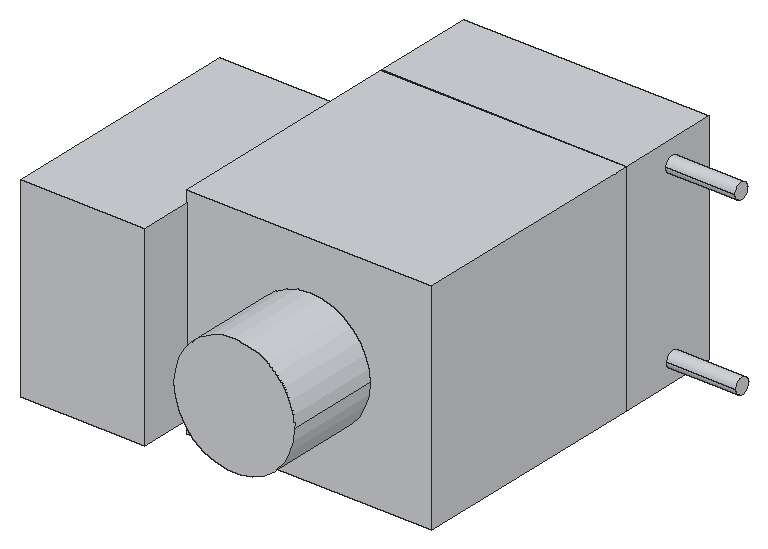
Revit family "EZTS+WITH 3 ROW HWC", category Mechanical Equipment, Revit 2018
Family settings
  Round Connector Dimension = Use Diameter
  Part Type = Normal
  OmniClass Number = 23.75.00.00
  OmniClass Title = Climate Control (HVAC)
  Work Plane-Based = No
  Always vertical = Yes
  Cut with Voids When Loaded = No
  Shared = No
  Room Calculation Point = No
Parameters (values of type "EZTS+0810 W/3 Coil RH W/Controller LH")
  Width = 1' - 2"
  URL = "https://www.anemostat-hvac.com/"
  Type Comments = ""
  RightController = no
  Power Right Controller = no
  Power Left Controller = yes
  PipeVTwo = 0' - 1 1/4"
  PipeVOne = 0' - 1 1/4"
  PipeTwoRH = yes
  PipeTwoLH = no
  PipeRad = PipeDia / 2  # 0' - 0 7/16"
  PipeOneRH = yes
  PipeOneLH = no
  PipeLength = 0' - 4"
  PipeHTwo = 0' - 3 1/4"
  PipeHOne = Coil / 2.05 + Discharge  # 0' - 3.18598"
  PipeDia = 0' - 0 7/8"
  Model = "EZTS+"
  Manufacturer = "ANEMOSTAT PRODUCTS"
  Length = 1' - 2 1/2"
  LeftController = yes
  Inlet_S = 0' - 5 3/8"
  InletRadius = InletDia / 2  # 0' - 3 7/16"
  InletDia = 0' - 6 7/8"
  Height = 1' - 0 1/2"
  HWCSlipDrive2Coil = 1' - 6 11/16"
  HWCSlipDrive3Coil = 1' - 7 3/4"
  HWCSlipDrive4Coil = 1' - 9 5/16"
  HWCSlipDrive1Coil = 1' - 5 5/8"
  HWCSlipDrive = 1' - 7 3/4"
  HWCOverlap = 0' - 0 5/8"
  EnslosureRear = 1' - 2 7/32"
  EnclosureWidth = 0' - 7 1/8"
  EnclosureHeight = 0' - 11 3/32"
  EnclosureFront = 0' - 3"
  EnclosureCenter = Height / 2  # 0' - 6 1/4"
  DischargeY = Height - 0' 1 1/4"  # 0' - 11 1/4"
  DischargeX = Width - 0' 1 1/4"  # 1' - 0 3/4"
  Discharge = 0' - 0 5/8"
  Description = "SINGLE DUCT AIR TERMINAL WITH JUMBO HOT WATER HEATING COIL"
  Coil = HWCSlipDrive - Length  # 0' - 5 1/4"
Types (42): name | Width | Type Comments | RightController | Power Right Controller | Power Left Controller | PipeTwoRH | PipeTwoLH | PipeOneRH | PipeOneLH | Model | Manufacturer | Length | LeftController | InletRadius | InletDia | Height | HWCSlipDrive2Coil | HWCSlipDrive3Coil | HWCSlipDrive4Coil | HWCSlipDrive1Coil | HWCSlipDrive | EnclosureCenter | DischargeY | DischargeX | Description
  EZTS+0508 W/3 Coil LH NO Controller | 1' - 0" | "" | no | no | no | no | yes | no | yes | "EZTS+" | "ANEMOSTAT PRODUCTS" | 1' - 0 1/2" | no | 0' - 2 7/16" | 0' - 4 7/8" | 0' - 10" | 1' - 4 11/16" | 1' - 5 3/4" | 1' - 7 5/16" | 1' - 3 5/8" | 1' - 5 3/4" | 0' - 5" | 0' - 8 3/4" | 0' - 10 3/4" | "SINGLE DUCT AIR TERMINAL WITH JUMBO HOT WATER HEATING COIL"
  EZTS+0608 W/3 Coil LH NO Controller | 1' - 0" | "" | no | no | no | no | yes | no | yes | "EZTS+" | "ANEMOSTAT PRODUCTS" | 1' - 0 1/2" | no | 0' - 2 15/16" | 0' - 5 7/8" | 0' - 10" | 1' - 4 11/16" | 1' - 5 3/4" | 1' - 7 5/16" | 1' - 3 5/8" | 1' - 5 3/4" | 0' - 5" | 0' - 8 3/4" | 0' - 10 3/4" | "SINGLE DUCT AIR TERMINAL WITH JUMBO HOT WATER HEATING COIL"
  EZTS+0508 W/3 Coil RH NO Controller | 1' - 0" | "" | no | no | no | yes | no | yes | no | "EZTS+" | "ANEMOSTAT PRODUCTS" | 1' - 0 1/2" | no | 0' - 2 7/16" | 0' - 4 7/8" | 0' - 10" | 1' - 4 11/16" | 1' - 5 3/4" | 1' - 7 5/16" | 1' - 3 5/8" | 1' - 5 3/4" | 0' - 5" | 0' - 8 3/4" | 0' - 10 3/4" | "SINGLE DUCT AIR TERMINAL WITH JUMBO HOT WATER HEATING COIL"
  EZTS+0608 W/3 Coil RH NO Controller | 1' - 0" | "" | no | no | no | yes | no | yes | no | "EZTS+" | "ANEMOSTAT PRODUCTS" | 1' - 0 1/2" | no | 0' - 2 15/16" | 0' - 5 7/8" | 0' - 10" | 1' - 4 11/16" | 1' - 5 3/4" | 1' - 7 5/16" | 1' - 3 5/8" | 1' - 5 3/4" | 0' - 5" | 0' - 8 3/4" | 0' - 10 3/4" | "SINGLE DUCT AIR TERMINAL WITH JUMBO HOT WATER HEATING COIL"
  EZTS+0508 W/3 Coil LH W/Controller LH | 1' - 0" | "" | no | no | yes | no | yes | no | yes | "EZTS+" | "ANEMOSTAT PRODUCTS" | 1' - 0 1/2" | yes | 0' - 2 7/16" | 0' - 4 7/8" | 0' - 10" | 1' - 4 11/16" | 1' - 5 3/4" | 1' - 7 5/16" | 1' - 3 5/8" | 1' - 5 3/4" | 0' - 5" | 0' - 8 3/4" | 0' - 10 3/4" | "SINGLE DUCT AIR TERMINAL WITH JUMBO HOT WATER HEATING COIL"
  EZTS+0608 W/3 Coil LH W/Controller LH | 1' - 0" | "" | no | no | yes | no | yes | no | yes | "EZTS+" | "ANEMOSTAT PRODUCTS" | 1' - 0 1/2" | yes | 0' - 2 15/16" | 0' - 5 7/8" | 0' - 10" | 1' - 4 11/16" | 1' - 5 3/4" | 1' - 7 5/16" | 1' - 3 5/8" | 1' - 5 3/4" | 0' - 5" | 0' - 8 3/4" | 0' - 10 3/4" | "SINGLE DUCT AIR TERMINAL WITH JUMBO HOT WATER HEATING COIL"
  EZTS+0508 W/3 Coil LH W/Controller RH | 1' - 0" | "ANEMOSTAT PRODUCTS" | yes | yes | no | no | yes | no | yes | 0' - 0" | "EZTS+" | 1' - 0 1/2" | no | 0' - 2 7/16" | 0' - 4 7/8" | 0' - 10" | 1' - 4 11/16" | 1' - 5 3/4" | 1' - 7 5/16" | 1' - 3 5/8" | 1' - 5 3/4" | 0' - 5" | 0' - 8 3/4" | 0' - 10 3/4" | "SINGLE DUCT AIR TERMINAL WITH JUMBO HOT WATER HEATING COIL"
  EZTS+0608 W/3 Coil LH W/Controller RH | 1' - 0" | "ANEMOSTAT PRODUCTS" | yes | yes | no | no | yes | no | yes | 0' - 0" | "EZTS+" | 1' - 0 1/2" | no | 0' - 2 15/16" | 0' - 5 7/8" | 0' - 10" | 1' - 4 11/16" | 1' - 5 3/4" | 1' - 7 5/16" | 1' - 3 5/8" | 1' - 5 3/4" | 0' - 5" | 0' - 8 3/4" | 0' - 10 3/4" | "SINGLE DUCT AIR TERMINAL WITH JUMBO HOT WATER HEATING COIL"
  EZTS+0508 W/3 Coil RH W/Controller LH | 1' - 0" | "" | no | no | yes | yes | no | yes | no | "EZTS+" | "ANEMOSTAT PRODUCTS" | 1' - 0 1/2" | yes | 0' - 2 7/16" | 0' - 4 7/8" | 0' - 10" | 1' - 4 11/16" | 1' - 5 3/4" | 1' - 7 5/16" | 1' - 3 5/8" | 1' - 5 3/4" | 0' - 5" | 0' - 8 3/4" | 0' - 10 3/4" | "SINGLE DUCT AIR TERMINAL WITH JUMBO HOT WATER HEATING COIL"
  EZTS+0608 W/3 Coil RH W/Controller LH | 1' - 0" | "" | no | no | yes | yes | no | yes | no | "EZTS+" | "ANEMOSTAT PRODUCTS" | 1' - 0 1/2" | yes | 0' - 2 15/16" | 0' - 5 7/8" | 0' - 10" | 1' - 4 11/16" | 1' - 5 3/4" | 1' - 7 5/16" | 1' - 3 5/8" | 1' - 5 3/4" | 0' - 5" | 0' - 8 3/4" | 0' - 10 3/4" | "SINGLE DUCT AIR TERMINAL WITH JUMBO HOT WATER HEATING COIL"
  EZTS+0508 W/3 Coil RH W/Controller RH | 1' - 0" | "" | yes | yes | no | yes | no | yes | no | "EZTS+" | "ANEMOSTAT PRODUCTS" | 1' - 0 1/2" | no | 0' - 2 7/16" | 0' - 4 7/8" | 0' - 10" | 1' - 4 11/16" | 1' - 5 3/4" | 1' - 7 5/16" | 1' - 3 5/8" | 1' - 5 3/4" | 0' - 5" | 0' - 8 3/4" | 0' - 10 3/4" | "SINGLE DUCT AIR TERMINAL WITH JUMBO HOT WATER HEATING COIL"
  EZTS+0608 W/3 Coil RH W/Controller RH | 1' - 0" | "" | yes | yes | no | yes | no | yes | no | "EZTS+" | "ANEMOSTAT PRODUCTS" | 1' - 0 1/2" | no | 0' - 2 15/16" | 0' - 5 7/8" | 0' - 10" | 1' - 4 11/16" | 1' - 5 3/4" | 1' - 7 5/16" | 1' - 3 5/8" | 1' - 5 3/4" | 0' - 5" | 0' - 8 3/4" | 0' - 10 3/4" | "SINGLE DUCT AIR TERMINAL WITH JUMBO HOT WATER HEATING COIL"
  EZTS+0710 W/3 Coil LH NO Controller | 1' - 2" | "ANEMOSTAT PRODUCTS" | no | no | no | no | yes | no | yes | 0' - 0" | "EZTS+" | 1' - 2 1/2" | no | 0' - 3 7/16" | 0' - 6 7/8" | 1' - 0 1/2" | 1' - 6 11/16" | 1' - 7 3/4" | 1' - 9 5/16" | 1' - 5 5/8" | 1' - 7 3/4" | 0' - 6 1/4" | 0' - 11 1/4" | 1' - 0 3/4" | "SINGLE DUCT AIR TERMINAL WITH JUMBO HOT WATER HEATING COIL"
  EZTS+0810 W/3 Coil LH NO Controller | 1' - 2" | "ANEMOSTAT PRODUCTS" | no | no | no | no | yes | no | yes | 0' - 0" | "EZTS+" | 1' - 2 1/2" | no | 0' - 3 15/16" | 0' - 7 7/8" | 1' - 0 1/2" | 1' - 6 11/16" | 1' - 7 3/4" | 1' - 9 5/16" | 1' - 5 5/8" | 1' - 7 3/4" | 0' - 6 1/4" | 0' - 11 1/4" | 1' - 0 3/4" | "SINGLE DUCT AIR TERMINAL WITH JUMBO HOT WATER HEATING COIL"
  EZTS+0710 W/3 Coil RH NO Controlle | 1' - 2" | "" | no | no | no | yes | no | yes | no | "EZTS+" | "ANEMOSTAT PRODUCTS" | 1' - 2 1/2" | no | 0' - 3 7/16" | 0' - 6 7/8" | 1' - 0 1/2" | 1' - 6 11/16" | 1' - 7 3/4" | 1' - 9 5/16" | 1' - 5 5/8" | 1' - 7 3/4" | 0' - 6 1/4" | 0' - 11 1/4" | 1' - 0 3/4" | "SINGLE DUCT AIR TERMINAL WITH JUMBO HOT WATER HEATING COIL"
  EZTS+0810 W/3 Coil RH NO Controlle | 1' - 2" | "" | no | no | no | yes | no | yes | no | "EZTS+" | "ANEMOSTAT PRODUCTS" | 1' - 2 1/2" | no | 0' - 3 15/16" | 0' - 7 7/8" | 1' - 0 1/2" | 1' - 6 11/16" | 1' - 7 3/4" | 1' - 9 5/16" | 1' - 5 5/8" | 1' - 7 3/4" | 0' - 6 1/4" | 0' - 11 1/4" | 1' - 0 3/4" | "SINGLE DUCT AIR TERMINAL WITH JUMBO HOT WATER HEATING COIL"
  EZTS+0710 W/3 Coil LH W/Controller LH | 1' - 2" | "" | no | no | yes | no | yes | no | yes | "EZTS+" | "ANEMOSTAT PRODUCTS" | 1' - 2 1/2" | yes | 0' - 3 7/16" | 0' - 6 7/8" | 1' - 0 1/2" | 1' - 6 11/16" | 1' - 7 3/4" | 1' - 9 5/16" | 1' - 5 5/8" | 1' - 7 3/4" | 0' - 6 1/4" | 0' - 11 1/4" | 1' - 0 3/4" | "SINGLE DUCT AIR TERMINAL WITH JUMBO HOT WATER HEATING COIL"
  EZTS+0810 W/3 Coil LH W/Controller LH | 1' - 2" | "" | no | no | yes | no | yes | no | yes | "EZTS+" | "ANEMOSTAT PRODUCTS" | 1' - 2 1/2" | yes | 0' - 3 15/16" | 0' - 7 7/8" | 1' - 0 1/2" | 1' - 6 11/16" | 1' - 7 3/4" | 1' - 9 5/16" | 1' - 5 5/8" | 1' - 7 3/4" | 0' - 6 1/4" | 0' - 11 1/4" | 1' - 0 3/4" | "SINGLE DUCT AIR TERMINAL WITH JUMBO HOT WATER HEATING COIL"
  EZTS+0710 W/3 Coil LH W/Controller RH | 1' - 2" | "ANEMOSTAT PRODUCTS" | yes | yes | no | no | yes | no | yes | 0' - 0" | "EZTS+" | 1' - 2 1/2" | no | 0' - 3 7/16" | 0' - 6 7/8" | 1' - 0 1/2" | 1' - 6 11/16" | 1' - 7 3/4" | 1' - 9 5/16" | 1' - 5 5/8" | 1' - 7 3/4" | 0' - 6 1/4" | 0' - 11 1/4" | 1' - 0 3/4" | "SINGLE DUCT AIR TERMINAL WITH JUMBO HOT WATER HEATING COIL"
  EZTS+0810 W/3 Coil LH W/Controller RH | 1' - 2" | "ANEMOSTAT PRODUCTS" | yes | yes | no | no | yes | no | yes | 0' - 0" | "EZTS+" | 1' - 2 1/2" | no | 0' - 3 15/16" | 0' - 7 7/8" | 1' - 0 1/2" | 1' - 6 11/16" | 1' - 7 3/4" | 1' - 9 5/16" | 1' - 5 5/8" | 1' - 7 3/4" | 0' - 6 1/4" | 0' - 11 1/4" | 1' - 0 3/4" | "SINGLE DUCT AIR TERMINAL WITH JUMBO HOT WATER HEATING COIL"
  EZTS+0710 W/3 Coil RH W/Controller LH | 1' - 2" | "" | no | no | yes | yes | no | yes | no | "EZTS+" | "ANEMOSTAT PRODUCTS" | 1' - 2 1/2" | yes | 0' - 3 7/16" | 0' - 6 7/8" | 1' - 0 1/2" | 1' - 6 11/16" | 1' - 7 3/4" | 1' - 9 5/16" | 1' - 5 5/8" | 1' - 7 3/4" | 0' - 6 1/4" | 0' - 11 1/4" | 1' - 0 3/4" | "SINGLE DUCT AIR TERMINAL WITH JUMBO HOT WATER HEATING COIL"
  EZTS+0810 W/3 Coil RH W/Controller LH | 1' - 2" | "" | no | no | yes | yes | no | yes | no | "EZTS+" | "ANEMOSTAT PRODUCTS" | 1' - 2 1/2" | yes | 0' - 3 7/16" | 0' - 6 7/8" | 1' - 0 1/2" | 1' - 6 11/16" | 1' - 7 3/4" | 1' - 9 5/16" | 1' - 5 5/8" | 1' - 7 3/4" | 0' - 6 1/4" | 0' - 11 1/4" | 1' - 0 3/4" | "SINGLE DUCT AIR TERMINAL WITH JUMBO HOT WATER HEATING COIL"
  EZTS+0710 W/3 Coil RH W/Controller RH | 1' - 2" | "" | yes | yes | no | yes | no | yes | no | "EZTS+" | "ANEMOSTAT PRODUCTS" | 1' - 2 1/2" | no | 0' - 3 7/16" | 0' - 6 7/8" | 1' - 0 1/2" | 1' - 6 11/16" | 1' - 7 3/4" | 1' - 9 5/16" | 1' - 5 5/8" | 1' - 7 3/4" | 0' - 6 1/4" | 0' - 11 1/4" | 1' - 0 3/4" | "SINGLE DUCT AIR TERMINAL WITH JUMBO HOT WATER HEATING COIL"
  EZTS+0810 W/3 Coil RH W/Controller RH | 1' - 2" | "" | yes | yes | no | yes | no | yes | no | "EZTS+" | "ANEMOSTAT PRODUCTS" | 1' - 2 1/2" | no | 0' - 3 15/16" | 0' - 7 7/8" | 1' - 0 1/2" | 1' - 6 11/16" | 1' - 7 3/4" | 1' - 9 5/16" | 1' - 5 5/8" | 1' - 7 3/4" | 0' - 6 1/4" | 0' - 11 1/4" | 1' - 0 3/4" | "SINGLE DUCT AIR TERMINAL WITH JUMBO HOT WATER HEATING COIL"
  EZTS+1012 W/3 Coil LH NO Controller | 1' - 4" | "" | no | no | no | yes | no | yes | no | "EZTS+" | "ANEMOSTAT PRODUCTS" | 1' - 6 1/2" | no | 0' - 4 15/16" | 0' - 9 7/8" | 1' - 3" | 1' - 10 11/16" | 1' - 11 3/4" | 2' - 0 13/16" | 1' - 9 5/8" | 1' - 11 3/4" | 0' - 7 1/2" | 1' - 1 3/4" | 1' - 2 3/4" | "EZTS+ W/ Hot Water Heating Coil"
  EZTS+1012 W/3 Coil RH NO Controller | 1' - 4" | "" | no | no | no | yes | no | yes | no | "EZTS+" | "ANEMOSTAT PRODUCTS" | 1' - 6 1/2" | no | 0' - 4 15/16" | 0' - 9 7/8" | 1' - 3" | 1' - 10 11/16" | 1' - 11 3/4" | 2' - 0 13/16" | 1' - 9 5/8" | 1' - 11 3/4" | 0' - 7 1/2" | 1' - 1 3/4" | 1' - 2 3/4" | "EZTS+ W/ Hot Water Heating Coil"
  EZTS+1012 W/3 Coil LH W/Controller LH | 1' - 4" | "" | no | no | yes | no | yes | no | yes | "EZTS+" | "ANEMOSTAT PRODUCTS" | 1' - 6 1/2" | yes | 0' - 4 15/16" | 0' - 9 7/8" | 1' - 3" | 1' - 10 11/16" | 1' - 11 3/4" | 2' - 0 13/16" | 1' - 9 5/8" | 1' - 11 3/4" | 0' - 7 1/2" | 1' - 1 3/4" | 1' - 2 3/4" | "SINGLE DUCT AIR TERMINAL WITH JUMBO HOT WATER HEATING COIL"
  EZTS+1012 W/3 Coil LH W/Controller RH | 1' - 4" | "" | yes | yes | no | no | yes | no | yes | "EZTS+" | "ANEMOSTAT PRODUCTS" | 1' - 6 1/2" | no | 0' - 4 15/16" | 0' - 9 7/8" | 1' - 3" | 1' - 10 11/16" | 1' - 11 3/4" | 2' - 0 13/16" | 1' - 9 5/8" | 1' - 11 3/4" | 0' - 7 1/2" | 1' - 1 3/4" | 1' - 2 3/4" | "EZTS+ W/ Hot Water Heating Coil"
  EZTS+1012 W/3 Coil RH W/Controller LH | 1' - 4" | "" | no | no | yes | yes | no | yes | no | "EZTS+" | "ANEMOSTAT PRODUCTS" | 1' - 6 1/2" | yes | 0' - 4 15/16" | 0' - 9 7/8" | 1' - 3" | 1' - 10 11/16" | 1' - 11 3/4" | 2' - 0 13/16" | 1' - 9 5/8" | 1' - 11 3/4" | 0' - 7 1/2" | 1' - 1 3/4" | 1' - 2 3/4" | "EZTS+ W/ Hot Water Heating Coil"
  EZTS+1012 W/3 Coil RH W/Controller RH | 1' - 4" | "" | yes | yes | no | yes | no | yes | no | "EZTS+" | "ANEMOSTAT PRODUCTS" | 1' - 6 1/2" | no | 0' - 4 15/16" | 0' - 9 7/8" | 1' - 3" | 1' - 10 11/16" | 1' - 11 3/4" | 2' - 0 13/16" | 1' - 9 5/8" | 1' - 11 3/4" | 0' - 7 1/2" | 1' - 1 3/4" | 1' - 2 3/4" | "EZTS+ W/ Hot Water Heating Coil"
  EZTS+1214 W/3 Coil LH NO Controller | 1' - 8" | "" | no | no | no | no | yes | no | yes | "EZTS+" | "ANEMOSTAT PRODUCTS" | 1' - 6 1/2" | no | 0' - 5 15/16" | 0' - 11 7/8" | 1' - 5 1/2" | 1' - 10 11/16" | 1' - 11 3/4" | 2' - 0 13/16" | 1' - 9 5/8" | 1' - 11 3/4" | 0' - 8 3/4" | 1' - 4 1/4" | 1' - 6 3/4" | "SINGLE DUCT AIR TERMINAL WITH JUMBO HOT WATER HEATING COIL"
  EZTS+1214 W/3 Coil RH NO Controller | 1' - 8" | "" | no | no | no | yes | no | yes | no | "EZTS+" | "ANEMOSTAT PRODUCTS" | 1' - 6 1/2" | no | 0' - 5 15/16" | 0' - 11 7/8" | 1' - 5 1/2" | 1' - 10 11/16" | 1' - 11 3/4" | 2' - 0 13/16" | 1' - 9 5/8" | 1' - 11 3/4" | 0' - 8 3/4" | 1' - 4 1/4" | 1' - 6 3/4" | "SINGLE DUCT AIR TERMINAL WITH JUMBO HOT WATER HEATING COIL"
  EZTS+1214 W/3 Coil LH W/Controller LH | 1' - 8" | "" | no | no | yes | no | yes | no | yes | "EZTS+" | "ANEMOSTAT PRODUCTS" | 1' - 6 1/2" | yes | 0' - 5 15/16" | 0' - 11 7/8" | 1' - 5 1/2" | 1' - 10 11/16" | 1' - 11 3/4" | 2' - 0 13/16" | 1' - 9 5/8" | 1' - 11 3/4" | 0' - 8 3/4" | 1' - 4 1/4" | 1' - 6 3/4" | "SINGLE DUCT AIR TERMINAL WITH JUMBO HOT WATER HEATING COIL"
  EZTS+1214 W/3 Coil LH W/Controller RH | 1' - 8" | "" | yes | yes | no | no | yes | no | yes | "EZTS+" | "ANEMOSTAT PRODUCTS" | 1' - 6 1/2" | no | 0' - 5 15/16" | 0' - 11 7/8" | 1' - 5 1/2" | 1' - 10 11/16" | 1' - 11 3/4" | 2' - 0 13/16" | 1' - 9 5/8" | 1' - 11 3/4" | 0' - 8 3/4" | 1' - 4 1/4" | 1' - 6 3/4" | "SINGLE DUCT AIR TERMINAL WITH JUMBO HOT WATER HEATING COIL"
  EZTS+1214 W/3 Coil RH W/Controller LH | 1' - 8" | "" | no | no | yes | yes | no | yes | no | "EZTS+" | "ANEMOSTAT PRODUCTS" | 1' - 6 1/2" | yes | 0' - 5 15/16" | 0' - 11 7/8" | 1' - 5 1/2" | 1' - 10 11/16" | 1' - 11 3/4" | 2' - 0 13/16" | 1' - 9 5/8" | 1' - 11 3/4" | 0' - 8 3/4" | 1' - 4 1/4" | 1' - 6 3/4" | "SINGLE DUCT AIR TERMINAL WITH JUMBO HOT WATER HEATING COIL"
  EZTS+1214 W/3 Coil RH W/Controller RH | 1' - 8" | "" | yes | yes | no | yes | no | yes | no | "EZTS+" | "ANEMOSTAT PRODUCTS" | 1' - 6 1/2" | no | 0' - 5 15/16" | 0' - 11 7/8" | 1' - 5 1/2" | 1' - 10 11/16" | 1' - 11 3/4" | 2' - 0 13/16" | 1' - 9 5/8" | 1' - 11 3/4" | 0' - 8 3/4" | 1' - 4 1/4" | 1' - 6 3/4" | "SINGLE DUCT AIR TERMINAL WITH JUMBO HOT WATER HEATING COIL"
  EZTS+1416 W/3 Coil LH NO Controller | 2' - 0" | "" | no | no | no | no | yes | no | yes | "EZTS+" | "ANEMOSTAT PRODUCTS" | 1' - 6 1/2" | no | 0' - 6 15/16" | 1' - 1 7/8" | 1' - 5 1/2" | 1' - 10 11/16" | 1' - 11 3/4" | 2' - 0 13/16" | 0' - 0" | 1' - 11 3/4" | 0' - 8 3/4" | 1' - 4 1/4" | 1' - 10 3/4" | "SINGLE DUCT AIR TERMINAL WITH JUMBO HOT WATER HEATING COIL"
  EZTS+1416 W/3 Coil RH NO Controller | 2' - 0" | "" | no | no | no | yes | no | yes | no | "EZTS+" | "ANEMOSTAT PRODUCTS" | 1' - 6 1/2" | no | 0' - 6 15/16" | 1' - 1 7/8" | 1' - 5 1/2" | 1' - 10 11/16" | 1' - 11 3/4" | 2' - 0 13/16" | 0' - 0" | 1' - 11 3/4" | 0' - 8 3/4" | 1' - 4 1/4" | 1' - 10 3/4" | "SINGLE DUCT AIR TERMINAL WITH JUMBO HOT WATER HEATING COIL"
  EZTS+1416 W/3 Coil LH W/Controller LH | 2' - 0" | "" | no | no | yes | no | yes | no | yes | "EZTS+" | "ANEMOSTAT PRODUCTS" | 1' - 6 1/2" | yes | 0' - 6 15/16" | 1' - 1 7/8" | 1' - 5 1/2" | 1' - 10 11/16" | 1' - 11 3/4" | 2' - 0 13/16" | 0' - 0" | 1' - 11 3/4" | 0' - 8 3/4" | 1' - 4 1/4" | 1' - 10 3/4" | "SINGLE DUCT AIR TERMINAL WITH JUMBO HOT WATER HEATING COIL"
  EZTS+1416 W/3 Coil LH W/Controller RH | 2' - 0" | "" | yes | yes | no | no | yes | no | yes | "EZTS+" | "ANEMOSTAT PRODUCTS" | 1' - 6 1/2" | no | 0' - 6 15/16" | 1' - 1 7/8" | 1' - 5 1/2" | 1' - 10 11/16" | 1' - 11 3/4" | 2' - 0 13/16" | 0' - 0" | 1' - 11 3/4" | 0' - 8 3/4" | 1' - 4 1/4" | 1' - 10 3/4" | "SINGLE DUCT AIR TERMINAL WITH JUMBO HOT WATER HEATING COIL"
  EZTS+1416 W/3 Coil RH W/Controller LH | 2' - 0" | "" | no | no | yes | yes | no | yes | no | "EZTS+" | "ANEMOSTAT PRODUCTS" | 1' - 6 1/2" | yes | 0' - 6 15/16" | 1' - 1 7/8" | 1' - 5 1/2" | 1' - 10 11/16" | 1' - 11 3/4" | 2' - 0 13/16" | 0' - 0" | 1' - 11 3/4" | 0' - 8 3/4" | 1' - 4 1/4" | 1' - 10 3/4" | "SINGLE DUCT AIR TERMINAL WITH JUMBO HOT WATER HEATING COIL"
  EZTS+1416 W/3 Coil RH W/Controller RH | 2' - 0" | "" | yes | yes | no | yes | no | yes | no | "EZTS+" | "ANEMOSTAT PRODUCTS" | 1' - 6 1/2" | no | 0' - 6 15/16" | 1' - 1 7/8" | 1' - 5 1/2" | 1' - 10 11/16" | 1' - 11 3/4" | 2' - 0 13/16" | 0' - 0" | 1' - 11 3/4" | 0' - 8 3/4" | 1' - 4 1/4" | 1' - 10 3/4" | "SINGLE DUCT AIR TERMINAL WITH JUMBO HOT WATER HEATING COIL"
Reference planes (in)
  plane 1 "Center (Front/Back)": y = 0
  plane 2: z = 0
  plane 3 "Center (Left/Right)": x = 0
  plane 4 "RightSide": x = 7
  plane 5 "LeftSide": x = -7
  plane 6 "InletSide": y = -7.25
  plane 7: y = 3.96875
  plane 8 "EnclosureFront": y = -10.25
  plane 9: x = 14.125
  plane 10: x = -14.125
  plane 11 "DischargeSide": y = 7.25
  plane 12: y = 6.625
  plane 13: z = 12.5
  plane 14: z = 6.25
  plane 15: z = 11.79687
  plane 16: z = 0.70313
  plane 17: x = 6.375
  plane 18: x = -6.375
  plane 19: z = 11.875
  plane 20: z = 0.625
  plane 21: y = 6
  plane 22 "HWC SlipNDrive": y = 12.5
  plane 23: z = 1.25
  plane 24: y = 9.875
  plane 25: y = 9.81098
  plane 26: z = 11.25
Forms (in)
  Extrusion 1, solid
    sketch origin (0, 0, 0) x (1, 0, 0) y (0, 1, 0)
      loop
        line (7, 6.625) -> (-7, 6.625) -> (-7, -7.25) -> (7, -7.25) -> (7, 6.625)
    from 0 to 12.5
  Extrusion 2, solid
    sketch origin (0, -7.25, 0) x (1, 0, 0) y (0, 0, 1)
      loop
        circle (0, 6.25) r 3.4375
    from 0 to 5.375 <- "Inlet_S"
  Extrusion 3, solid
    sketch origin (0, 7.25, 0) x (1, 0, 0) y (0, 0, 1)
      loop
        line (-6.375, 11.875) -> (-6.375, 0.625) -> (6.375, 0.625) -> (6.375, 11.875) -> (-6.375, 11.875)
    from 0 to 0.625 <- "Discharge"
  Extrusion 4, solid
    sketch origin (0, 0, 0) x (1, 0, 0) y (0, 1, 0)
      loop
        line (7, 12.5) -> (-7, 12.5) -> (-7, 6.625) -> (7, 6.625) -> (7, 12.5)
    from 0 to 12.5 <- "Height"
  Extrusion 5, solid, visible <- "PipeOneRH"
    sketch origin (7, 0, 0) x (0, -1, 0) y (0, 0, -1)
      loop
        circle (-9.81098, -11.25) r 0.4375
    from 0 to 4 <- "PipeLength"
  Extrusion 6, solid, visible <- "PipeTwoRH"
    sketch origin (7, 0, 0) x (0, -1, 0) y (0, 0, -1)
      loop
        circle (-9.875, -1.25) r 0.4375
    from 0 to 4 <- "PipeLength"
  Extrusion 7, solid, visible <- "PipeOneLH"
    sketch origin (-7, 0, 0) x (0, 1, 0) y (0, 0, -1)
      loop
        circle (9.81098, -11.25) r 0.4375
    from 0 to 4 <- "PipeLength"
  Extrusion 8, solid, visible <- "PipeTwoLH"
    sketch origin (-7, 0, 0) x (0, 1, 0) y (0, 0, -1)
      loop
        circle (9.875, -1.25) r 0.4375
    from 0 to 4 <- "PipeLength"
Dimensions and locks (in)
  equal spacing: plane 5 "LeftSide", plane 3 "Center (Left/Right)", plane 4 "RightSide"
  "EnclosureFront": plane 8 "EnclosureFront" to plane 6 "InletSide"
  "Width": plane 5 "LeftSide" to plane 4 "RightSide"
  "EnclosureWidth": plane 4 "RightSide" to plane 9
  "EnclosureWidth": plane 10 to plane 5 "LeftSide"
  equal spacing: plane 11 "DischargeSide", plane 1 "Center (Front/Back)", plane 6 "InletSide"
  "Length": plane 11 "DischargeSide" to plane 6 "InletSide"
  "EnslosureRear": plane 7 to plane 8 "EnclosureFront"
  "Discharge": plane 12 to plane 11 "DischargeSide"
  equal spacing: plane 15, plane 14, plane 16
  "EnclosureHeight": plane 15 to plane 16
  "EnclosureCenter": plane 14 to level
  "Height": plane 13 to level
  equal spacing: plane 17, plane 3 "Center (Left/Right)", plane 18
  "DischargeX": plane 17 to plane 18
  "Discharge": plane 13 to plane 19
  "Discharge": plane 20 to level
  plane 6 "InletSide" to plane 11 "DischargeSide" = 1' - 2 1/2"
  "HWCOverlap": plane 21 to plane 12
  "HWCSlipDrive": plane 22 "HWC SlipNDrive" to plane 6 "InletSide"
  "PipeHTwo": plane 24 to plane 12
  "PipeVTwo": plane 23 to level
  "PipeHOne": plane 25 to plane 12
  "PipeVOne": plane 13 to plane 26
  "InletRadius": radius of Extrusion 2 sketch curve
  "PipeRad": radius of Extrusion 5 sketch curve
  "PipeRad": radius of Extrusion 6 sketch curve
  "PipeRad": radius of Extrusion 7 sketch curve
  "PipeRad": radius of Extrusion 8 sketch curve
  aligned and locked: level to plane 2
  aligned and locked: plane 12 to Extrusion 1 sketch curve
  aligned and locked: plane 4 "RightSide" to Extrusion 1 sketch curve
  aligned and locked: plane 6 "InletSide" to Extrusion 1 sketch curve
  aligned and locked: plane 5 "LeftSide" to Extrusion 1 sketch curve
  aligned and locked: plane 13 to Extrusion 1
  aligned and locked: plane 19 to Extrusion 3 sketch curve
  aligned and locked: Extrusion 3 sketch curve to plane 18
  aligned and locked: plane 20 to Extrusion 3 sketch curve
  aligned and locked: plane 17 to Extrusion 3 sketch curve
  aligned and locked: nested 1 to plane 7
  aligned and locked: plane 4 "RightSide" to nested 1
  aligned and locked: nested 2 to plane 5 "LeftSide"
  aligned and locked: nested 2 to plane 7
  aligned and locked: plane 22 "HWC SlipNDrive" to Extrusion 4 sketch curve
  aligned and locked: plane 4 "RightSide" to Extrusion 4 sketch curve
  aligned and locked: Extrusion 4 sketch curve to Extrusion 1  (x2)
Automatic sketch dimensions
  Extrusion 2 sketch curve to plane 3 "Center (Left/Right)" = 0' - 0"
  Extrusion 2 sketch curve to plane 14 = 0' - 0"
  Extrusion 5 sketch curve to plane 25 = 0' - 0"
  Extrusion 5 sketch curve to plane 26 = 0' - 0"
  Extrusion 6 sketch curve to plane 23 = 0' - 0"
  Extrusion 6 sketch curve to plane 24 = 0' - 0"
  Extrusion 7 sketch curve to plane 25 = 0' - 0"
  Extrusion 7 sketch curve to plane 26 = 0' - 0"
  Extrusion 8 sketch curve to plane 23 = 0' - 0"
  Extrusion 8 sketch curve to plane 24 = 0' - 0"
Nested families (in)
  nested 1: "ControlEnclosure" at (7, 2.58942, 0), visible <- "RightController", type "Inlet Size 10 Enclosure Left"
    with EnclosureWidth 0' - 7 1/8", EnclosureHeight 0' - 11 3/32"
  nested 2: "ControlEnclosure" at (-7, 2.58942, 0) x (-1, 0, 0) z (0, 0, 1), visible <- "LeftController", type "Inlet Size 10 Enclosure Left"
    with EnclosureWidth 0' - 7 1/8", EnclosureHeight 0' - 11 3/32"
Connectors (in)
  hvac at (0, -12.625, 6.25), driven by "InletDia"
    settings: on Extrusion 2, index 1, duct flow 0 CFM, flow factor 0, pres drop 0.00 in-wg, loss coef 0, conn angle 0.00°, conn width 12", conn height 12", conn diameter 6 7/8", duct sys type 1, conn prof type 0, flow config 0, flow direction 1, loss method 0, conn ref index -1, conn util no, is conn primary yes, conn desc ""
  electrical at (-14.125, -3.14062, 6.25), driven by "Power Left Controller"
    settings: on nested 2, index 2, voltage 0 V, apparent load 0 VA, apparent load phase1 0 VA, apparent load phase2 0 VA, apparent load phase3 0 VA, power factor 1, load classification "Other", number of poles 1, system type 31, power factor state 1, is connector primary yes, connector utility yes, sub classification motor no, connector description ""
  hvac at (0, 12.5, 6.25), driven by "Height", driven by "Width"
    settings: on Extrusion 4, index 3, duct flow 0 CFM, flow factor 0, pres drop 0.00 in-wg, loss coef 0, conn angle 0.00°, conn width 14", conn height 12 1/2", conn diameter 24", duct sys type 3, conn prof type 1, flow config 0, flow direction 0, loss method 0, conn ref index -1, conn util no, is conn primary no, conn desc ""
  piping at (-11, 9.81098, 11.25), diameter 0.875, driven by "PipeDia", driven by "PipeOneLH"
    settings: on Extrusion 7, index 4, connector inside diameter 24", connector length 0' - 0", flow factor 0, pipe flow 0 GPM, pressure drop 0.00 psi, fitting loss kfactor 0, connector angle 0.00°, fixture units 0, engagement length 0' - 0", angle of deflection 0.00°, flow configuration 0, flow direction 2, fitting loss method 0, system type 8, joint type 0, gender type 0, connector reference index -1, connector utility 0, adjustable connector no, is connector primary yes, connector description ""
  piping at (-11, 9.875, 1.25), diameter 0.875, driven by "PipeDia", driven by "PipeTwoLH"
    settings: on Extrusion 8, index 5, connector inside diameter 24", connector length 0' - 0", flow factor 0, pipe flow 0 GPM, pressure drop 0.00 psi, fitting loss kfactor 0, connector angle 0.00°, fixture units 0, engagement length 0' - 0", angle of deflection 0.00°, flow configuration 0, flow direction 1, fitting loss method 0, system type 7, joint type 0, gender type 0, connector reference index -1, connector utility 0, adjustable connector no, is connector primary no, connector description ""
  piping at (11, 9.81098, 11.25), diameter 0.875, driven by "PipeDia", driven by "PipeOneRH"
    settings: on Extrusion 5, index 6, connector inside diameter 24", connector length 0' - 0", flow factor 0, pipe flow 0 GPM, pressure drop 0.00 psi, fitting loss kfactor 0, connector angle 0.00°, fixture units 0, engagement length 0' - 0", angle of deflection 0.00°, flow configuration 0, flow direction 2, fitting loss method 0, system type 8, joint type 0, gender type 0, connector reference index -1, connector utility 1, adjustable connector no, is connector primary no, connector description ""
  piping at (11, 9.875, 1.25), diameter 0.875, driven by "PipeDia", driven by "PipeTwoRH"
    settings: on Extrusion 6, index 7, connector inside diameter 24", connector length 0' - 0", flow factor 0, pipe flow 0 GPM, pressure drop 0.00 psi, fitting loss kfactor 0, connector angle 0.00°, fixture units 0, engagement length 0' - 0", angle of deflection 0.00°, flow configuration 0, flow direction 1, fitting loss method 0, system type 7, joint type 0, gender type 0, connector reference index -1, connector utility 1, adjustable connector no, is connector primary no, connector description ""
  electrical at (14.125, -3.14062, 6.25), driven by "Power Right Controller"
    settings: on nested 1, index 8, voltage 0 V, apparent load 0 VA, apparent load phase1 0 VA, apparent load phase2 0 VA, apparent load phase3 0 VA, power factor 1, load classification "Other", number of poles 1, system type 31, power factor state 1, is connector primary no, connector utility no, sub classification motor no, connector description ""
Definition of nested family "ControlEnclosure"
  Parameters (values of type "Enclosure")
    Width = 1' - 2"
    Lenght = 1' - 2 1/2"
    Height = 1' - 0 1/2"
    EnslosureRear = 1' - 2 7/32"
    EnclosureWidth = 0' - 7 1/8"
    EnclosureHeight = 0' - 11 3/32"
    EnclosureFront = 0' - 3"
    EnclosureCenter = Height / 2  # 0' - 6 1/4"
    DischargeY = 0' - 11 1/4"
    DischargeX = 1' - 0 3/4"
    Discharge = 0' - 0 5/8"
  Types (3): name | EnclosureWidth | EnclosureHeight
    Inlet Size 10 Enclosure Left | 0' - 11 3/32" | 0' - 7 1/8"
    Inlet Size 10 Enclosure Right | 0' - 7 1/8" | 0' - 6.00967"
    Enclosure | 0' - 7 1/8" | 0' - 11 3/32"
  Reference planes (in)
    plane 1 "Center (Front/Back)": y = 0
    plane 2: z = 0
    plane 3 "Center (Left/Right)": x = 0
    plane 4: x = 7
    plane 5: x = -7
    plane 6: y = -7.25
    plane 7: y = 1.37933
    plane 8: y = -12.83942
    plane 9 "EnclosureSide": x = 14.125
    plane 10: x = -14.125
    plane 11: y = 7.25
    plane 12: y = 6.625
    plane 13: z = 6.25
    plane 14: z = 11.79688
    plane 15: z = 0.70313
  Forms (in)
    Extrusion 1, solid
      sketch origin (0, 0, 0) x (0, 1, 0) y (0, 0, 1)
        loop
          line (1.37933, 11.79688) -> (-12.83942, 11.79688) -> (-12.83942, 0.70313) -> (1.37933, 0.70313) -> (1.37933, 11.79688)
      from 0 to 7.125 <- "EnclosureWidth"
  Dimensions and locks (in)
    equal spacing: plane 5, plane 3 "Center (Left/Right)", plane 4
    plane 8 to plane 6 = 0' - 5.58942"
    "Width": plane 5 to plane 4
    "EnclosureWidth": plane 4 to plane 9 "EnclosureSide"
    "EnclosureWidth": plane 10 to plane 5
    equal spacing: plane 11, plane 1 "Center (Front/Back)", plane 6
    "Lenght": plane 11 to plane 6
    "EnslosureRear": plane 7 to plane 8
    "Discharge": plane 12 to plane 11
    "EnclosureCenter": plane 13 to level
    equal spacing: plane 15, plane 13, plane 14
    "EnclosureHeight": plane 15 to plane 14
    aligned and locked: level to plane 2
    aligned and locked: Extrusion 1 sketch curve to plane 7
    aligned and locked: Extrusion 1 sketch curve to plane 14
    aligned and locked: Extrusion 1 sketch curve to plane 8
    aligned and locked: Extrusion 1 sketch curve to plane 15
